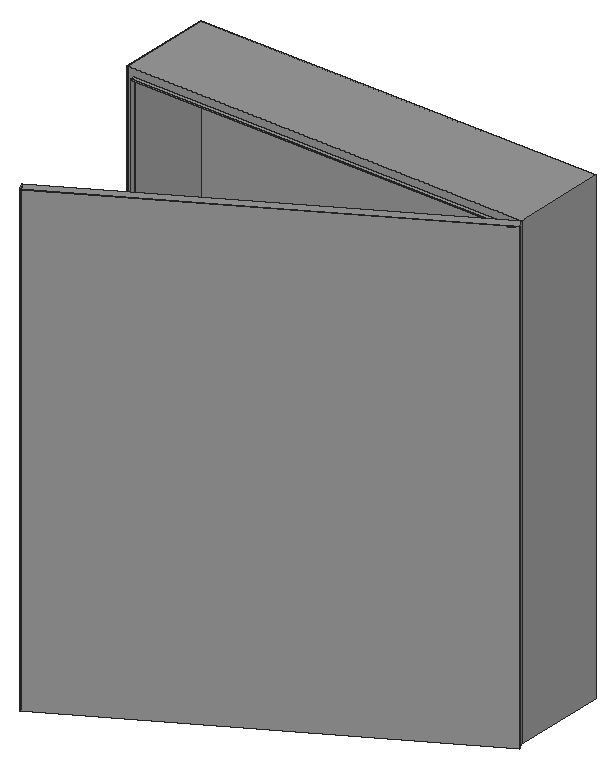
Revit family "Hager-Univers-IP54-D205-H950-Cl.II-Encl-NoHosted-CH-fr", category Electrical Equipment, Revit 2020
Family settings
  Panel Configuration = Two Columns, Circuits Across
  Round Connector Dimension = Use Diameter
  Part Type = Panelboard
  Work Plane-Based = Yes
  Always vertical = Yes
  Cut with Voids When Loaded = No
  Shared = No
  Room Calculation Point = No
Parameters (values of type "saillie IP54 L800 H950 P205  - FP63QSW")
  Width Control [instance] = if([EF000008 - largeur] > Min Width, [EF000008 - largeur], Min Width)  # 800 mm
  Type Comments = [HG000003 - Gamme]  # "Univers"
  Thickness Door [instance] = if([EF009171 - épaisseur de matériau de la porte/du couvercle] > 3 mm, 3 mm, [EF009171 - épaisseur de matériau de la porte/du couvercle])  # 1 mm
  Seal Frame Offset [instance] = 17 mm  # constant formula
  Plinth Visibility [instance] = [HG000027 - Hauteur du socle] > 0 mm  # no
  Min Width [instance] = 100 mm  # constant formula
  Min Depth [instance] = (2 * [EF009170 - épaisseur de matériau du boîtier]) + 1 mm  # 3 mm
  Min Height [instance] = 100 mm  # constant formula
  Internal Frame Depth [instance] = (Door System Depth * 0.5)  # 9 mm
  Panel Name [instance] = ""  # (empty or 0)
  Model = ""
  HG000027 - Hauteur du socle = 0 mm
  HG000026 - Installation au sol = no
  HG000024 - Hauteur de la section basse = 600 mm
  HG000023 - Armoire double section = no
  HG000016 - Visibilité de la porte 3D [instance] = yes
  HG000015 - Visibilité de l'emprise de la porte [instance] = no
  HG000014 - Porte à droite [instance] = yes
  HG000013 - Porte à gauche [instance] = not([HG000014 - Porte à droite])  # no
  HG000012 - Angle de pivotement de la porte [instance] = 30.00°
  HG000010 - Portes asymétriques = no
  HG000009 - Porte à double battant = no
  HG000006 - Encastré = no
  HG000004 - Référence fabricant = "FP63QSW"
  HG000003 - Gamme = "Univers"
  HG000002 - avec porte = yes
  Frame Offset Bottom [instance] = 10 mm  # constant formula
  Frame Offset [instance] = 15 mm  # constant formula
  EF015940 - couvercle avec décharge de pression = no
  EF011959 - degré de protection (NEMA) = ""
  EF009554 - nombre d'ouvertures pour plaques à bride = 6
  EF009212 - finition du couvercle = "EV000116 - fermé"
  EF009171 - épaisseur de matériau de la porte/du couvercle = 1 mm
  EF009170 - épaisseur de matériau du boîtier = 1 mm
  EF008873 - courant nominal (In) = 250 A
  EF007800 - adapté à un parafoudre = no
  EF006306 - avec serrure = no
  EF006244 - couvercle/porte transparent(e) = no
  EF005474 - indice de protection (IP) = "EV006419 - IP54"
  EF004464 - type de porte = "EV002646 - unique"
  EF004427 - nombre de modules = 216
  EF004293 - indice de protection contre les chocs (IK) = "EV006815 - IK09"
  EF003532 - convient pour utilisation à l’extérieur = no
  EF002950 - largeur en nombre de modules = 36
  EF001613 - maintien de fonction = "EV000494 - sans"
  EF001596 - matériau du boîtier/corps = "EV000179 - acier"
  EF001131 - profondeur intérieure = 143 mm
  EF001088 - possibilité de montage en saillie = yes
  EF000437 - nombre d'entrées de conduit = 6
  EF000339 - type de capot = "EV001012 - couvercle"
  EF000266 - nombre de rangées = 6
  EF000218 - profondeur d'encastrement = 0 mm
  EF000118 - avec cadre/support de montage = no
  EF000116 - numéro RAL = "9010"
  EF000049 - profondeur = 205 mm
  EF000040 - hauteur = 950 mm
  EF000008 - largeur = 800 mm
  EF000007 - couleur = "EV000202 - blanc"
  EF000003 - mode de pose = "EV000384 - saillie"
  Door System Leaf Tolerance [instance] = 1.5 mm  # constant formula
  Door System Depth [instance] = 18 mm  # constant formula
  Door Height [instance] = Height Control - [HG000027 - Hauteur du socle]  # 950 mm
  Description = ""
  Default Elevation = 1219.2 mm
  Connector Offset [instance] = Height Control / 2  # 475 mm
  Manufacturer = "Hager"  # constant formula
  Height Control [instance] = if([EF000040 - hauteur] > Min Height, [EF000040 - hauteur], Min Height)  # 950 mm
  Depth Control [instance] = if([EF000049 - profondeur] > Min Depth, [EF000049 - profondeur], Min Depth)  # 205 mm
  Bottom Top Plate Trim [instance] = 1.5 mm  # constant formula
  Plinth height Ctrl [instance] = if([HG000027 - Hauteur du socle] > 0 mm, [HG000027 - Hauteur du socle], 12 mm)  # 12 mm
Types (5, lengths in mm): name | Width Control | HG000010 - Portes asymétriques | HG000009 - Porte à double battant | HG000004 - Référence fabricant | EF009554 - nombre d'ouvertures pour plaques à bride | EF004464 - type de porte | EF004427 - nombre de modules | EF002950 - largeur en nombre de modules | EF001131 - profondeur intérieure | EF000437 - nombre d'entrées de conduit | EF000339 - type de capot | EF000008 - largeur
  saillie IP54 L1050 H950 P205  - FP64QSW | 1050 | no | no | "FP64QSW" | 8 | "EV003602 - double" | 288 | 48 | 143 | 8 | "EV001012 - couvercle" | 1050
  saillie IP54 L1300 H950 P205  - FP65QSW | 1300 | yes | yes | "FP65QSW" | 10 | "EV003602 - double" | 360 | 60 | 130 | 10 | "EV004216 - porte" | 1300
  saillie IP54 L300 H950 P205  - FP61QSW | 300 | no | no | "FP61QSW" | 2 | "EV002646 - unique" | 72 | 12 | 130 | 2 | "EV004216 - porte" | 300
  saillie IP54 L550 H950 P205  - FP62QSW | 550 | no | no | "FP62QSW" | 4 | "EV002646 - unique" | 144 | 24 | 130 | 4 | "EV001012 - couvercle" | 550
  saillie IP54 L800 H950 P205  - FP63QSW | 800 | no | no | "FP63QSW" | 6 | "EV002646 - unique" | 216 | 36 | 143 | 6 | "EV001012 - couvercle" | 800
Reference planes
  plane 1 "Center (Front/Back)": y = 0
  plane 2: z = 0
  plane 3 "Center (Left/Right)": x = 0
  plane 4: y = 0
  plane 5: y = 0
  plane 6: z = 0
  plane 7: x = -400
  plane 8: x = 400
  plane 9: x = 399
  plane 10: x = -399
  plane 11: z = 0
  plane 12: z = 1
  plane 13: y = -205
  plane 14: y = -1
  plane 15: x = 0
  plane 16: y = -187
  plane 17: y = -204
  plane 18: y = -186
  plane 19: x = -384
  plane 20: x = 384
  plane 21: z = 11
  plane 22: x = -383
  plane 23: x = 383
  plane 24: z = 0
  plane 25: z = 950
  plane 26: z = 950
  plane 27: z = 934
  plane 28: z = 949
Forms (mm)
  Extrusion 1, solid, material "Hager_Steel_RAL7035_Light_Grey", detail levels medium+fine
    sketch origin (-208.679, -4572, 0) x (-1, 0, 0) y (0, -1, 0)
      loop
        line (191.321, -4385) -> (-608.679, -4385) -> (-608.679, -4572) -> (191.321, -4572) -> (191.321, -4385)
    from 0 to 950
  Extrusion 2, void
    sketch origin (-350.771, -205, 1219.2) x (1, 0, 0) y (0, 0, 1)
      loop
        line (-48.229, -270.2) -> (-48.229, -1218.2) -> (749.771, -1218.2) -> (749.771, -270.2) -> (-48.229, -270.2)
    from -19 to -204
  Extrusion 3, void
    sketch origin (-290.084, -187, 1219.2) x (1, 0, 0) y (0, 0, 1)
      loop
        line (-93.916, -1208.2) -> (674.084, -1208.2) -> (674.084, -285.2) -> (-93.916, -285.2) -> (-93.916, -1208.2)
    from 0 to -1
  Extrusion 4, solid, material "Hager_Steel_RAL7035_Light_Grey", visible <- "Plinth Visibility", detail levels medium+fine
    sketch origin (0, 0, 0) x (1, 0, 0) y (0, 1, 0)
      loop
        line (-400, 0) -> (-400, -187) -> (400, -187) -> (400, 0) -> (-400, 0)
    from 0 to 12 <- "Plinth height Ctrl"
  Extrusion 5, solid, material "Hager_Steel_RAL7035_Light_Grey", detail levels coarse
    sketch origin (0, 0, 0) x (1, 0, 0) y (0, 1, 0)
      loop
        line (-400, 0) -> (-400, -205) -> (400, -205) -> (400, 0) -> (-400, 0)
    from 0 to 950 <- "Height Control"
  Sweep 6, void
    path in 3D
      loop
        line (-400, -187, 12) -> (400, -187, 12) -> (400, 0, 12) -> (-400, 0, 12) -> (-400, -187, 12)
    profile origin (-400, -93.5, 12) x (1, 0, 0) y (0, 0, 1)
      loop
        line (0, 0) -> (0, -1.5) -> (1.5, -1.5)
        arc (1.5, -1.5) -> (1.061, -0.439) -> (0, 0) r 1.5
  Extrusion 7, solid, material "Hager_Steel_RAL7035_Light_Grey", detail levels fine
    sketch origin (-400, -187, 0) x (1, 0, 0) y (0, 0, 1)
      loop
        line (16, 11) -> (784, 11) -> (784, 934) -> (16, 934) -> (16, 11)
      loop
        line (15, 10) -> (785, 10) -> (785, 935) -> (15, 935) -> (15, 10)
    from 0 to 9 <- "Internal Frame Depth"
Cuts and joins
  Extrusion 2, Extrusion 3 cuts Extrusion 1
  Sweep 6 cuts Extrusion 4
Lines and regions (mm)
  Masking region 1
    outline origin (0, 0, 0) x (1, 0, 0) y (0, 1, 0)
      loop
        line (-400, 0) -> (-400, -205) -> (400, -205) -> (400, 0) -> (-400, 0)
  Masking region 2, detail levels coarse
    outline origin (-290.084, -187, 1219.2) x (-1, 0, 0) y (0, 0, 1)
      loop
        line (-690.084, -1219.2) -> (109.916, -1219.2) -> (109.916, -269.2) -> (-690.084, -269.2) -> (-690.084, -1219.2)
  Masking region 3, detail levels coarse
    outline origin (0, 0, 0) x (0, 1, 0) y (0, 0, 1)
      loop
        line (0, 0) -> (0, 950) -> (-205, 950) -> (-205, 0) -> (0, 0)
  Masking region 4, visible <- "Plinth Visibility", detail levels medium+fine
    outline origin (0, 0, 0) x (0, 1, 0) y (0, 0, 1)
      loop
        line (-1.5, 12) -> (-185.5, 12)
        arc (-185.5, 12) -> (-185.939, 10.939) -> (-187, 10.5) r 1.5
        line (-187, 10.5) -> (-187, 0) -> (0, 0) -> (0, 10.5)
        arc (0, 10.5) -> (-1.061, 10.939) -> (-1.5, 12) r 1.5
  Masking region 5, detail levels medium+fine
    outline origin (0, 0, 594.038) x (0, 1, 0) y (0, 0, 1)
      loop
        line (0, -594.038) -> (0, 355.962) -> (-187, 355.962) -> (-187, -594.038) -> (0, -594.038)
  Masking region 6, detail levels medium+fine
    outline origin (-359.7, -187, 1211.883) x (-1, 0, 0) y (0, 0, 1)
      loop
        line (-759.7, -1211.883) -> (40.3, -1211.883) -> (40.3, -261.883) -> (-759.7, -261.883) -> (-759.7, -1211.883)
  Masking region 7, visible <- "Plinth Visibility", detail levels medium+fine
    outline origin (-320.334, -187, 1041.368) x (-1, 0, 0) y (0, 0, 1)
      loop
        line (-720.334, -1041.368) -> (79.666, -1041.368) -> (79.666, -1030.868)
        arc (79.666, -1030.868) -> (78.606, -1030.429) -> (78.166, -1029.368) r 1.5
        line (78.166, -1029.368) -> (-718.834, -1029.368)
        arc (-718.834, -1029.368) -> (-719.273, -1030.429) -> (-720.334, -1030.868) r 1.5
        line (-720.334, -1030.868) -> (-720.334, -1041.368)
  sketch lines
    curve 1: line (-400, 0, 12) -> (-400, -187, 12)
    curve 2: line (-400, -187, 12) -> (400, -187, 12)
    curve 3: line (400, 0, 12) -> (-400, 0, 12)
    curve 4: line (400, -187, 12) -> (400, 0, 12)
Dimensions and locks
  locked: plane 1 "Center (Front/Back)" to plane 5
  "EF009170 - épaisseur de matériau du boîtier": plane 7 to plane 10
  "EF009170 - épaisseur de matériau du boîtier": plane 8 to plane 9
  equal spacing: plane 7, plane 3 "Center (Left/Right)", plane 8
  "Width Control": plane 7 to plane 8
  "Depth Control": plane 4 to plane 13
  "EF009170 - épaisseur de matériau du boîtier": plane 4 to plane 14
  "Height Control": plane 25 to level
  "HG000027 - Hauteur du socle": plane 11 to level
  "EF009170 - épaisseur de matériau du boîtier": plane 12 to plane 11
  "EF009170 - épaisseur de matériau du boîtier": plane 17 to plane 13
  "EF009170 - épaisseur de matériau du boîtier": plane 18 to plane 16
  "Frame Offset Bottom": plane 21 to plane 12
  "Frame Offset": plane 10 to plane 19
  "Frame Offset": plane 9 to plane 20
  "Door System Depth": plane 16 to plane 13
  "Seal Frame Offset": plane 7 to plane 22
  "Seal Frame Offset": plane 8 to plane 23
  "EF009170 - épaisseur de matériau du boîtier": plane 26 to plane 28
  "Frame Offset": plane 28 to plane 27
  "Connector Offset": plane 2 to connector elem
  "Bottom Top Plate Trim": profile plane to Sweep 6 sketch curve
  "Bottom Top Plate Trim": Sweep 6 sketch curve to Sweep 6 sketch curve
  "Plinth height Ctrl": Masking region 4 sketch curve to level
  "Plinth height Ctrl": Masking region 7 sketch curve to level
  "Thickness Door": Extrusion 7 sketch curve to Extrusion 7 sketch curve  (x4)
  "Bottom Top Plate Trim": radius of Sweep 6 sketch curve
  "Bottom Top Plate Trim": radius of Masking region 4 sketch curve  (x2)
  "Bottom Top Plate Trim": radius of Masking region 7 sketch curve  (x2)
  aligned and locked: Extrusion 2 sketch curve to plane 12
  aligned and locked: Extrusion 2 sketch curve to plane 9
  aligned and locked: Extrusion 2 sketch curve to plane 10
  aligned and locked: Extrusion 2 to plane 14
  aligned and locked: Extrusion 1 sketch curve to plane 4
  aligned and locked: plane 8 to Extrusion 1 sketch curve
  aligned and locked: plane 7 to Extrusion 1 sketch curve
  aligned and locked: Extrusion 2 to plane 18
  aligned and locked: Extrusion 3 sketch curve to plane 19
  aligned and locked: plane 20 to Extrusion 3 sketch curve
  aligned and locked: Extrusion 3 to Extrusion 2
  aligned and locked: Extrusion 3 sketch curve to plane 21
  aligned and locked: plane 3 "Center (Left/Right)" to nested 1
  aligned and locked: Extrusion 1 sketch curve to plane 16
  aligned and locked: Extrusion 4 sketch curve to cut or joined group of Extrusion 1, Extrusion 2, Extrusion 3
  aligned and locked: Masking region 1 sketch curve to plane 7
  aligned and locked: Masking region 1 sketch curve to plane 5
  aligned and locked: Masking region 1 sketch curve to plane 8
  aligned and locked: Masking region 2 sketch curve to level
  aligned and locked: level to Masking region 3 sketch curve
  aligned and locked: plane 1 "Center (Front/Back)" to Masking region 3 sketch curve
  aligned and locked: plane 13 to Masking region 3 sketch curve
  aligned and locked: plane 5 to Masking region 4 sketch curve
  aligned and locked: Masking region 2 sketch curve to plane 8
  aligned and locked: Masking region 2 sketch curve to plane 7
  aligned and locked: plane 7 to nested 2
  aligned and locked: nested 2 to plane 5
  aligned and locked: plane 5 to Masking region 5 sketch curve
  aligned and locked: plane 26 to Masking region 5 sketch curve
  aligned and locked: Extrusion 5 sketch curve to plane 8
  aligned and locked: Extrusion 5 sketch curve to plane 7
  aligned and locked: Extrusion 5 sketch curve to plane 5
  aligned and locked: Extrusion 3 sketch curve to plane 27
  aligned and locked: Extrusion 2 sketch curve to plane 28
  aligned and locked: Masking region 2 to plane 25
  aligned and locked: Extrusion 4 to plane 16
  aligned and locked: profile plane to Sweep 6 sketch curve
  aligned and locked: Masking region 5 sketch curve to plane 24
  aligned and locked: level to Masking region 4 sketch curve
  aligned and locked: Masking region 1 to plane 13
  aligned and locked: nested 1 to plane 16
  aligned and locked: Masking region 3 to plane 25
  aligned and locked: plane 16 to Masking region 4 sketch curve
  aligned and locked: Masking region 5 sketch curve to plane 16
  aligned and locked: plane 24 to plane 11
  aligned and locked: plane 26 to plane 25
  aligned and locked: plane 26 to cut or joined group of Extrusion 1, Extrusion 2, Extrusion 3
  aligned and locked: nested 1 to plane 24
  aligned and locked: Extrusion 1 to Extrusion 3
  aligned and locked: Masking region 6 sketch curve to plane 8
  aligned and locked: Masking region 6 sketch curve to plane 24
  aligned and locked: Masking region 6 sketch curve to plane 7
  aligned and locked: Masking region 6 sketch curve to plane 26
  aligned and locked: Masking region 7 sketch curve to plane 7
  aligned and locked: level to Masking region 7 sketch curve
  aligned and locked: Masking region 7 sketch curve to plane 8
  aligned and locked: Extrusion 7 sketch curve to cut or joined group of Extrusion 1, Extrusion 2, Extrusion 3  (x4)
Automatic sketch dimensions
  plane 19 to Extrusion 3 sketch curve = 0 mm
  Extrusion 3 sketch curve to plane 20 = 0 mm
  Extrusion 3 sketch curve to plane 21 = 0 mm
  Extrusion 4 sketch curve to plane 7 = 0 mm
  Extrusion 4 sketch curve to plane 8 = 0 mm
  Extrusion 4 sketch curve to plane 16 = 0 mm
  Masking region 1 sketch curve to plane 13 = 0 mm
  Masking region 2 sketch curve to plane 25 = 0 mm
  Masking region 3 sketch curve to plane 25 = 0 mm
  Extrusion 5 sketch curve to plane 13 = 0 mm
  profile plane to Sweep 6 sketch curve = 0 mm
Nested families
  nested 1: "EC000058_Univers_Door" at (0, -187, 0), Double <- "HG000009 - Porte à double battant", Transparent <- "EF006244 - couvercle/porte transparent(e)", Angle <- "HG000012 - Angle de pivotement de la porte", Door_Right <- "HG000014 - Porte à droite", Assymetrical <- "HG000010 - Portes asymétriques", Door <- "HG000002 - avec porte", Width_Ctrl <- "Width Control", 3d_Door <- "HG000016 - Visibilité de la porte 3D", Clearance <- "HG000015 - Visibilité de l'emprise de la porte", Door_Left <- "HG000013 - Porte à gauche", Width <- "Width Control", Door_Depth <- "Door System Depth", Leaf_Tolerance <- "Door System Leaf Tolerance", Height <- "Door Height", Lock_Visibility <- "EF006306 - avec serrure", Thickness <- "Thickness Door", type "EC000058_Univers_Door", detail levels medium+fine
    with min_wh 3 mm, Width_Ctrl 800 mm, Width 800 mm, Transparent no, Thickness 1 mm, Seal_Material Hager_Rubber, Lock_Visibility no, Lock_Material Hager_Plastic_RAL9005_Jet_Black, Leaf_Width 800 mm, Leaf_Tolerance_External_Sides 0 mm, Leaf_Tolerance 1.5 mm, Leaf_Offset 0 mm, Leaf_Height 947 mm, Leaf_2_Width 800 mm, Leaf_2_Offset 400 mm, Leaf_1_Width 800 mm, Leaf_1_Offset 400 mm, Height_Ctrl 950 mm, Height 950 mm, Glass_Material Hager_Glass, Double_Clearance_Ctrl no, Double no, Door_Right_Ctrl yes, Door_Right yes, Door_Material Hager_Steel_RAL7035_Light_Grey, Door_Left_Ctrl no, Door_Left no, Door_Depth 18 mm, Door yes, Clearance_Material Hager_Clearance, Clearance_Depth 800 mm, Clearance_Ctrl no, Clearance no, Assymetrical no, Angle 30.00°, 3d_Door yes
  nested 2: "Hager_Enclosure_Symbol" at (-400, 0, 0), Height <- "Depth Control", Width <- "Width Control", type "Hager_Enclosure_Symbol"
    with Width_Ctrl 800 mm, Width 800 mm, Height_Ctrl 205 mm, Height 205 mm, A_Width_Int 13.453 mm, A_Width 161.438 mm, A_Height_Ctrl 179.375 mm, A_Height 179.375 mm
Connectors
  electrical at (0, 0, 475)
    settings: on plane 1 "Center (Front/Back)", index 1, voltage 0 V, apparent load 0 VA, apparent load phase1 0 VA, apparent load phase2 0 VA, apparent load phase3 0 VA, power factor 1, load classification "Other", number of poles 1, system type 30, power factor state 1, is connector primary yes, connector utility no, sub classification motor no, connector description ""
Definition of nested family "EC000058_Univers_Door"
  Parameters (values of type "EC000058_Univers_Door")
    min_wh [instance] = (2 * Thickness) + 1 mm  # 11 mm
    Width_Ctrl [instance] = 400 mm
    Width [instance] = 500 mm
    Transparent [instance] = yes
    Thickness [instance] = 5 mm
    Seal_Material [instance] = none
    Lock_Visibility [instance] = yes
    Lock_Material [instance] = none
    Leaf_Width [instance] = if((Width_Ctrl - 2 * Leaf_Tolerance_External_Sides) > 0 mm, (Width_Ctrl - 2 * Leaf_Tolerance_External_Sides), min_wh)  # 400 mm
    Leaf_Tolerance_External_Sides [instance] = 0 mm  # constant formula
    Leaf_Tolerance [instance] = 1.5 mm
    Leaf_Offset [instance] = 0 mm  # constant formula
    Leaf_Height [instance] = if((Height_Ctrl - 2 * Leaf_Tolerance) > 0 mm, (Height_Ctrl - 2 * Leaf_Tolerance), min_wh)  # 497 mm
    Leaf_2_Width [instance] = if(and(and(Double, Assymetrical), Door_Left), (Leaf_Width / 3) - (Leaf_Tolerance / 2), if(and(and(Double, Assymetrical), Door_Right), (Leaf_Width / 3) * 2 - (Leaf_Tolerance / 2), if(and(Double, not(Assymetrical)), (Leaf_Width / 2) - Leaf_Tolerance, Leaf_Width)))  # 400 mm
    Leaf_2_Offset [instance] = if(and(Double, Assymetrical), Leaf_2_Width / 2, if(and(Double, not(Assymetrical)), Leaf_Width / 4, Leaf_Width / 2))  # 200 mm
    Leaf_1_Width [instance] = if(and(and(Double, Assymetrical), Door_Right), (Leaf_Width / 3) - (Leaf_Tolerance / 2), if(and(and(Double, Assymetrical), Door_Left), (Width / 3) * 2 - (Leaf_Tolerance / 2), if(and(Double, not(Assymetrical)), (Leaf_Width / 2) - Leaf_Tolerance, Leaf_Width)))  # 400 mm
    Leaf_1_Offset [instance] = if(and(Double, Assymetrical), Leaf_1_Width / 2, if(and(Double, not(Assymetrical)), Leaf_Width / 4, Leaf_Width / 2))  # 200 mm
    Height_Ctrl [instance] = if(Height > min_wh, Height, min_wh)  # 500 mm
    Height [instance] = 500 mm
    Glass_Material [instance] = none
    Double_Clearance_Ctrl [instance] = and(Double, Clearance)  # no
    Double [instance] = no
    Door_Right_Ctrl [instance] = and(or(Door_Right, Double), Door)  # yes
    Door_Right [instance] = yes
    Door_Material [instance] = none
    Door_Left_Ctrl [instance] = and(or(Door_Left, Double), Door)  # no
    Door_Left [instance] = no
    Door_Depth [instance] = 30 mm
    Door [instance] = yes
    Default Elevation = 1219.2 mm
    Clearance_Material [instance] = none
    Clearance_Depth [instance] = if(Leaf_1_Width > Leaf_2_Width, Leaf_1_Width, Leaf_2_Width)  # 400 mm
    Clearance_Ctrl [instance] = and(not(Double), Clearance)  # yes
    Clearance [instance] = yes
    Assymetrical [instance] = yes
    Angle [instance] = 30.00°
    3d_Door [instance] = yes
  Reference planes
    plane 1 "Center (Front/Back)": y = 0
    plane 2 "Bottom": z = 0
    plane 3 "Center (Left/Right)": x = 0
    plane 4: z = 500
    plane 5: x = -200
    plane 6: x = 200
    plane 7: z = 500
    plane 8: x = -200
    plane 9: z = 0
    plane 10: x = 200
    plane 11: y = 0
    plane 12: z = 1.5
    plane 13: x = -600
    plane 14: y = -400
    plane 15: x = 600
    plane 16: x = 0
    plane 17: x = 0
    plane 18: x = -200
    plane 19: x = 200
    plane 20: z = 498.5
  Forms (mm)
    Extrusion 1, solid, material <- "Clearance_Material", visible <- "Double_Clearance_Ctrl"
      sketch origin (1200, 0, 0) x (1, 0, 0) y (0, 0, -1)
        loop
          line (-1800, -498.5) -> (-600, -498.5) -> (-600, 0) -> (-1800, 0) -> (-1800, -498.5)
      from 0 to -400
  Dimensions and locks
    equal spacing: plane 5, plane 3 "Center (Left/Right)", plane 6
    "Width_Ctrl": plane 5 to plane 6
    "Leaf_Offset": plane 5 to plane 8
    "Leaf_Offset": plane 6 to plane 10
    "Leaf_Offset": plane 9 to level
    "Leaf_Offset": plane 4 to plane 7
    "Height_Ctrl": plane 4 to level
    "Leaf_Tolerance": plane 12 to plane 9
    locked: plane 11 to plane 1 "Center (Front/Back)"
    "Leaf_1_Offset": plane 18 to plane 16
    "Leaf_2_Offset": plane 17 to plane 19
    "Leaf_1_Width": plane 13 to plane 8
    "Leaf_2_Width": plane 10 to plane 15
    "Clearance_Depth": plane 14 to plane 1 "Center (Front/Back)"
    "Leaf_Tolerance_External_Sides": plane 8 to plane 18
    "Leaf_Tolerance_External_Sides": plane 19 to plane 10
    "Leaf_Tolerance": plane 7 to plane 20
    aligned and locked: level to plane 2 "Bottom"
    aligned and locked: nested 1 to plane 16
    aligned and locked: nested 2 to plane 17
    aligned and locked: Extrusion 1 to plane 13
    aligned and locked: plane 15 to Extrusion 1
    aligned and locked: Extrusion 1 to plane 14
    aligned and locked: plane 12 to nested 1
    aligned and locked: nested 2 to plane 12
    aligned and locked: Extrusion 1 to plane 11
    aligned and locked: plane 20 to Extrusion 1
    aligned and locked: nested 2 to plane 11
    aligned and locked: nested 1 to plane 11
  Automatic sketch dimensions
    Extrusion 1 sketch curve to level = 0 mm
    plane 5 to Extrusion 1 sketch curve = 400 mm
    plane 6 to Extrusion 1 sketch curve = 400 mm
    Extrusion 1 sketch curve to plane 4 = 1.5 mm
  Nested families
    nested 1: "EC000058_Univers_Door_Leaf" at (0, 0, 1.5), Width <- "Leaf_1_Width", visible <- "Door_Left_Ctrl", Leaf_Height <- "Leaf_Height", Angle <- "Angle", 3d_Door <- "3d_Door", Transparent <- "Transparent", Clearance Material <- "Clearance_Material", Clearance <- "Clearance_Ctrl", Door_Material <- "Door_Material", Glass_Material <- "Glass_Material", Door_Depth <- "Door_Depth", Lock_Material <- "Lock_Material", Seal_Material <- "Seal_Material", Lock_Visibility <- "Lock_Visibility", Thickness <- "Thickness", type "EC000058_Univers_Door_Leaf"
      with Width 400 mm, Transparent_Glass_Offset 30 mm, Transparent_Ctrl yes, Transparent yes, Thickness 5 mm, Standard no, Seal_Material none, Seal_D2 8 mm, Seal_D1 1 mm, Offset_Internal_Frame 10 mm, Lock_Width 20 mm, Lock_Visibility_3d yes, Lock_Visibility yes, Lock_Thickness_3 3 mm, Lock_Thickness_2 1 mm, Lock_Thickness_1 3 mm, Lock_Radius_Offset_2 16 mm, Lock_Radius_Offset_1 15 mm, Lock_Radius_2 5 mm, Lock_Radius 6 mm, Lock_Offset 5 mm, Lock_Material none, Lock_Height 80 mm, Lock_Cover_Top_Offset_2d 17 mm, Lock_Cover_Height -65 mm, Leaf_Height 497 mm, Internal_Seal_Thickness 8 mm, Internal_Seal_Depth_2 4.5 mm, Internal_Frame_Depth 25 mm, Glass_Thickness -1 mm, Glass_Offset -2 mm, Glass_Material none, Door_Material none, Door_Depth 30 mm, Clearance Material none, Clearance yes, Angle_Ctrl 30.00°, Angle 30.00°, 3d_Door yes
    nested 2: "EC000058_Univers_Door_Leaf" at (0, 0, 1.5) x (-1, 0, 0) z (0, 0, 1), Width <- "Leaf_2_Width", visible <- "Door_Right_Ctrl", Leaf_Height <- "Leaf_Height", Angle <- "Angle", 3d_Door <- "3d_Door", Transparent <- "Transparent", Clearance Material <- "Clearance_Material", Clearance <- "Clearance_Ctrl", Door_Material <- "Door_Material", Glass_Material <- "Glass_Material", Door_Depth <- "Door_Depth", Lock_Material <- "Lock_Material", Seal_Material <- "Seal_Material", Lock_Visibility <- "Lock_Visibility", Thickness <- "Thickness", type "EC000058_Univers_Door_Leaf"
      with Width 400 mm, Transparent_Glass_Offset 30 mm, Transparent_Ctrl yes, Transparent yes, Thickness 5 mm, Standard no, Seal_Material none, Seal_D2 8 mm, Seal_D1 1 mm, Offset_Internal_Frame 10 mm, Lock_Width 20 mm, Lock_Visibility_3d yes, Lock_Visibility yes, Lock_Thickness_3 3 mm, Lock_Thickness_2 1 mm, Lock_Thickness_1 3 mm, Lock_Radius_Offset_2 16 mm, Lock_Radius_Offset_1 15 mm, Lock_Radius_2 5 mm, Lock_Radius 6 mm, Lock_Offset 5 mm, Lock_Material none, Lock_Height 80 mm, Lock_Cover_Top_Offset_2d 17 mm, Lock_Cover_Height -65 mm, Leaf_Height 497 mm, Internal_Seal_Thickness 8 mm, Internal_Seal_Depth_2 4.5 mm, Internal_Frame_Depth 25 mm, Glass_Thickness -1 mm, Glass_Offset -2 mm, Glass_Material none, Door_Material none, Door_Depth 30 mm, Clearance Material none, Clearance yes, Angle_Ctrl 30.00°, Angle 30.00°, 3d_Door yes
  Definition of nested family "EC000058_Univers_Door_Leaf"
    Parameters (values of type "EC000058_Univers_Door_Leaf")
      Width [instance] = 2000 mm
      Transparent_Glass_Offset [instance] = 30 mm
      Transparent_Ctrl [instance] = and(Transparent, [3d_Door])  # yes
      Transparent [instance] = yes
      Thickness [instance] = 5 mm
      Standard [instance] = and(not(Transparent), [3d_Door])  # no
      Seal_Material [instance] = none
      Seal_D2 [instance] = 8 mm  # constant formula
      Seal_D1 [instance] = 1 mm  # constant formula
      Offset_Internal_Frame [instance] = 10 mm  # constant formula
      Lock_Width [instance] = 20 mm  # constant formula
      Lock_Visibility_3d [instance] = and(Lock_Visibility, [3d_Door])  # yes
      Lock_Visibility [instance] = yes
      Lock_Thickness_3 [instance] = 3 mm  # constant formula
      Lock_Thickness_2 [instance] = 1 mm  # constant formula
      Lock_Thickness_1 [instance] = 3 mm  # constant formula
      Lock_Radius_Offset_2 [instance] = Lock_Radius_Offset_1 + 1 mm  # 16 mm
      Lock_Radius_Offset_1 [instance] = 15 mm  # constant formula
      Lock_Radius_2 [instance] = Lock_Radius - 1 mm  # 5 mm
      Lock_Radius [instance] = 6 mm  # constant formula
      Lock_Offset [instance] = 5 mm  # constant formula
      Lock_Material [instance] = none
      Lock_Height [instance] = 80 mm  # constant formula
      Lock_Cover_Top_Offset_2d [instance] = Lock_Radius_Offset_2 + 1 mm  # 17 mm
      Lock_Cover_Height [instance] = -(Lock_Height - Lock_Radius_Offset_1)  # -65 mm
      Leaf_Height [instance] = 2720.336 mm
      Internal_Seal_Thickness [instance] = 8 mm  # constant formula
      Internal_Seal_Depth_2 [instance] = 4.5 mm  # constant formula
      Internal_Frame_Depth [instance] = if(Door_Depth - Thickness > 5 mm, Door_Depth - Thickness, 5 mm)  # 25 mm
      Glass_Thickness [instance] = if(Thickness > 15 mm, Glass_Offset + 10 mm, -1 mm)  # -1 mm
      Glass_Offset [instance] = if(Thickness > 15 mm, -(Thickness + 10 mm) / 2, -2 mm)  # -2 mm
      Glass_Material [instance] = none
      Door_Material [instance] = none
      Door_Depth [instance] = 30 mm
      Default Elevation = 0 mm
      Clearance Material [instance] = none
      Clearance [instance] = yes
      Angle_Ctrl [instance] = if(Angle > 180.00°, 180.00°, Angle)  # 90.00°
      Angle [instance] = 90.00°
      3d_Door [instance] = yes
    Reference planes
      plane 1 "Center (Front/Back)": y = 0
      plane 2: z = 0
      plane 3 "Center (Left/Right)": x = 0
      plane 4: y = 2000
      plane 5: x = -1000
      plane 6: x = 1000
      plane 7: x = -3000
      plane 8: z = 2720.336
      plane 9: z = 30
      plane 10: z = 2690.336
      plane 11: x = 970
      plane 12: x = -970
      plane 13: y = -3
      plane 14: z = 107.833
      plane 15: y = -5
      plane 16: y = -223.314
      plane 17: x = -1000
      plane 18: z = 1360.168
      plane 19: y = 30
    Forms (mm)
      Extrusion 1, solid, material <- "Clearance Material", visible <- "Clearance"
        sketch origin (0, 0, 0) x (1, 0, 0) y (0, 0, 1)
          loop
            line (-3000, 2720.336) -> (-3000, 0) -> (1000, 0) -> (1000, 2720.336) -> (-3000, 2720.336)
        from 0 to -2000
      Extrusion 2, solid, material <- "Door_Material", visible <- "Standard", detail levels medium+fine
        sketch origin (-1000, 0, 0) x (0, 1, 0) y (-1, 0, 0)
          loop
            line (0, 30) -> (0, 25) -> (2000, 25) -> (2000, 30) -> (0, 30)
        from 0 to 2720.336 <- "Leaf_Height"
      Extrusion 3, solid, material <- "Door_Material", visible <- "Transparent_Ctrl", detail levels medium+fine
        sketch origin (-1000, 0, 0) x (0, 1, 0) y (-1, 0, 0)
          loop
            line (0, 25) -> (2000, 25) -> (2000, 30) -> (0, 30) -> (0, 25)
        from 0 to 2720.336 <- "Leaf_Height"
      Extrusion 4, void
        sketch origin (-1025, 2000, 0) x (0, 1, 0) y (0, 0, -1)
          loop
            line (-30, -2690.336) -> (-30, -30) -> (-1970, -30) -> (-1970, -2690.336) -> (-30, -2690.336)
        from 0 to 5 <- "Thickness"
      Sweep 5, solid, material <- "Seal_Material", visible <- "Transparent_Ctrl", detail levels fine
        path in 3D
          loop
            line (-1025, 30, 30) -> (-1025, 30, 2690.336) -> (-1025, 1970, 2690.336) -> (-1025, 1970, 30) -> (-1025, 30, 30)
        profile origin (-1025, 1000, 30) x (1, 0, 0) y (0, 0, 1)
          loop
            line (0, 0) -> (0, -8) -> (1, -8) -> (1, 0) -> (0, 0)
      Extrusion 6, solid, material <- "Glass_Material", visible <- "Transparent_Ctrl", detail levels medium+fine
        sketch origin (-1030, 0, 0) x (0, 1, 0) y (0, 0, -1)
          loop
            line (1970, -2690.336) -> (1970, -30) -> (30, -30) -> (30, -2690.336) -> (1970, -2690.336)
        from -2 <- "Glass_Offset" to -1 <- "Glass_Thickness"
      Extrusion 7, solid, material <- "Door_Material", visible <- "3d_Door", detail levels medium+fine
        sketch origin (-1025, 2000, 0) x (0, -1, 0) y (0, 0, -1)
          loop
            line (0, -2720.336) -> (2000, -2720.336) -> (2000, 0) -> (0, 0) -> (0, -2720.336)
          loop
            line (1995, -5) -> (5, -5) -> (5, -2715.336) -> (1995, -2715.336) -> (1995, -5)
        from 0 to 25 <- "Internal_Frame_Depth"
      Sweep 8, solid, material <- "Seal_Material", visible <- "Transparent_Ctrl", detail levels fine
        path in 3D
          loop
            line (-1025, 0, 0) -> (-1025, 2000, 0) -> (-1025, 2000, 2720.336) -> (-1025, 0, 2720.336) -> (-1025, 0, 0)
        profile origin (-1025, 0, 1360.168) x (1, 0, 0) y (0, 1, 0)
          loop
            line (0, 10) -> (2.975, 10)
            arc (2.975, 10) -> (4.053, 10.447) -> (4.5, 11.525) r 1.525
            line (4.5, 11.525) -> (4.5, 16.527)
            arc (4.5, 16.527) -> (4.069, 17.569) -> (3.027, 18) r 1.473
            line (3.027, 18) -> (0, 18) -> (0, 10)
      Extrusion 9, solid, material <- "Lock_Material", visible <- "Lock_Visibility_3d", detail levels fine
        sketch origin (-1030, 0, 0) x (0, 1, 0) y (0, 0, -1)
          loop
            arc (1993.5, -1400.168) -> (1994.561, -1399.729) -> (1995, -1398.668) r 1.5
            line (1995, -1398.668) -> (1995, -1320.168) -> (1975, -1320.168) -> (1975, -1398.668)
            arc (1975, -1398.668) -> (1975.439, -1399.729) -> (1976.5, -1400.168) r 1.5
            line (1976.5, -1400.168) -> (1993.5, -1400.168)
        from 3 <- "Lock_Thickness_1" to 0
      Blend 10, solid, material <- "Lock_Material", visible <- "Lock_Visibility_3d", detail levels fine
        base sketch origin (-1033, 0, 0) x (0, 1, 0) y (0, 0, -1)
          loop
            line (1975, -1320.168) -> (1975, -1398.668)
            arc (1975, -1398.668) -> (1975.439, -1399.729) -> (1976.5, -1400.168) r 1.5
            line (1976.5, -1400.168) -> (1993.5, -1400.168)
            arc (1993.5, -1400.168) -> (1994.561, -1399.729) -> (1995, -1398.668) r 1.5
            line (1995, -1398.668) -> (1995, -1320.168) -> (1975, -1320.168)
        top sketch origin (-1033, 0, 0) x (0, 1, 0) y (0, 0, -1)
          loop
            line (1976, -1320.168) -> (1976, -1398.668)
            arc (1976, -1398.668) -> (1976.146, -1399.022) -> (1976.5, -1399.168) r 0.5
            line (1976.5, -1399.168) -> (1993.5, -1399.168)
            arc (1993.5, -1399.168) -> (1993.854, -1399.022) -> (1994, -1398.668) r 0.5
            line (1994, -1398.668) -> (1994, -1320.168) -> (1976, -1320.168)
        from 0 to 1 <- "Lock_Thickness_2"
      Blend 11, solid, material <- "Lock_Material", visible <- "Lock_Visibility_3d", detail levels fine
        base sketch origin (-1034, 0, 0) x (0, 1, 0) y (0, 0, -1)
          loop
            line (1978, -1320.168) -> (1978, -1384.168)
            arc (1978, -1384.168) -> (1985, -1391.168) -> (1992, -1384.168) r 7
            line (1992, -1384.168) -> (1992, -1320.168) -> (1978, -1320.168)
        top sketch origin (-1034, 0, 0) x (0, 1, 0) y (0, 0, -1)
          loop
            line (1991, -1320.168) -> (1979, -1320.168) -> (1979, -1383.168)
            arc (1979, -1383.168) -> (1985, -1389.168) -> (1991, -1383.168) r 6
            line (1991, -1383.168) -> (1991, -1320.168)
        from 0 to 3 <- "Lock_Thickness_3"
      Extrusion 12, solid, material <- "Lock_Material", visible <- "Lock_Visibility_3d", detail levels fine
        sketch origin (-1030, 1975, 1320.168) x (1, 0, 0) y (0, -1, 0)
          loop
            line (-7, -19) -> (-7, -1) -> (0, -1) -> (0, 0) -> (-8, 0) -> (-8, -20) -> (0, -20) -> (0, -19) -> (-7, -19)
        from 0 to -65 <- "Lock_Cover_Height"
      Extrusion 13, void
        sketch origin (-1038, 1995, 1320.168) x (-1, 0, 0) y (0, 0, -1)
          loop
            line (-5, -65) -> (0, -65) -> (-5, -60) -> (-5, -65)
        from 0 to 20 <- "Lock_Width"
      Extrusion 14, void
        sketch origin (-1038, 1975, 1320.168) x (0, -1, 0) y (0, 0, -1)
          loop
            circle (-10, -15.995) r 6
          loop
            circle (-10, -15.995) r 5
        from 0 to 2
      Extrusion 15, solid, material <- "Lock_Material", visible <- "Lock_Visibility_3d", detail levels medium
        sketch origin (-1030, 0, 0) x (0, 1, 0) y (0, 0, -1)
          loop
            arc (1993.5, -1400.168) -> (1994.561, -1399.729) -> (1995, -1398.668) r 1.5
            line (1995, -1398.668) -> (1995, -1320.168) -> (1975, -1320.168) -> (1975, -1398.668)
            arc (1975, -1398.668) -> (1975.439, -1399.729) -> (1976.5, -1400.168) r 1.5
            line (1976.5, -1400.168) -> (1993.5, -1400.168)
        from 8 to 0
    Cuts and joins
      Extrusion 4 cuts Extrusion 3
      Extrusion 13, Extrusion 14 cuts Extrusion 9
      Extrusion 14 cuts Blend 11
      Extrusion 13, Extrusion 14 cuts Extrusion 12
      joined: Extrusion 9, Blend 10, Blend 11, Extrusion 12
      Extrusion 14 cuts Extrusion 15
    Lines and regions (mm)
      Masking region 1, visible <- "Lock_Visibility", detail levels fine
        outline origin (0, 0, 0) x (0, 1, 0) y (0, 0, 1)
          loop
            line (30, 1320.168) -> (33, 1320.168) -> (33, 1400.168) -> (30, 1400.168) -> (30, 1320.168)
      Masking region 2, visible <- "Lock_Visibility", detail levels fine
        outline origin (0, 3.143, 0) x (0, 1, 0) y (0, 0, 1)
          loop
            line (29.857, 1354.168) -> (30.857, 1354.168) -> (30.857, 1366.168) -> (29.857, 1366.168) -> (29.857, 1354.168)
      Masking region 3, detail levels medium+fine
        outline origin (0, 0, 0) x (0, 1, 0) y (0, 0, 1)
          loop
            line (0, 0) -> (30, 0) -> (30, 2720.336) -> (0, 2720.336) -> (0, 0)
      Masking region 4, detail levels medium+fine
        outline origin (0, 0, 0) x (1, 0, 0) y (0, 0, 1)
          loop
            line (-1000, 2720.336) -> (-1000, 0) -> (1000, 0) -> (1000, 2720.336) -> (-1000, 2720.336)
      Masking region 5, visible <- "Lock_Visibility", detail levels fine
        outline origin (-47.116, 0, 0) x (1, 0, 0) y (0, 0, 1)
          loop
            arc (1024.616, 1399.168) -> (1023.556, 1398.729) -> (1023.116, 1397.668) r 1.5
            line (1023.116, 1397.668) -> (1023.116, 1320.168) -> (1041.116, 1320.168) -> (1041.116, 1397.668)
            arc (1041.116, 1397.668) -> (1040.677, 1398.729) -> (1039.616, 1399.168) r 1.5
            line (1039.616, 1399.168) -> (1024.616, 1399.168)
      Masking region 6, visible <- "Lock_Visibility", detail levels medium+fine
        outline origin (-25, 0, 0) x (1, 0, 0) y (0, 0, 1)
          loop
            arc (1001.5, 1400.168) -> (1000.439, 1399.729) -> (1000, 1398.668) r 1.5
            line (1000, 1398.668) -> (1000, 1320.168) -> (1020, 1320.168) -> (1020, 1398.668)
            arc (1020, 1398.668) -> (1019.561, 1399.729) -> (1018.5, 1400.168) r 1.5
            line (1018.5, 1400.168) -> (1001.5, 1400.168)
      Masking region 7, visible <- "Lock_Visibility", detail levels fine
        outline origin (-73.735, 0, 0) x (1, 0, 0) y (0, 0, 1)
          loop
            line (1051.735, 1382.168) -> (1065.735, 1382.168) -> (1065.735, 1384.168)
            arc (1065.735, 1384.168) -> (1058.735, 1391.168) -> (1051.735, 1384.168) r 7
            line (1051.735, 1384.168) -> (1051.735, 1382.168)
      Masking region 8, visible <- "Lock_Visibility", detail levels fine
        outline origin (-73.735, 0, 0) x (1, 0, 0) y (0, 0, 1)
          loop
            line (1052.735, 1382.168) -> (1064.735, 1382.168) -> (1064.735, 1383.168)
            arc (1064.735, 1383.168) -> (1058.735, 1389.168) -> (1052.735, 1383.168) r 6
            line (1052.735, 1383.168) -> (1052.735, 1382.168)
      Masking region 9, visible <- "Lock_Visibility", detail levels fine
        outline origin (-25, 0, 0) x (1, 0, 0) y (0, 0, 1)
          loop
            line (1020, 1320.168) -> (1020, 1382.168) -> (1000, 1382.168) -> (1000, 1320.168) -> (1020, 1320.168)
      Masking region 10, detail levels medium+fine
        outline origin (0, 0, 0) x (1, 0, 0) y (0, 0, 1)
          loop
            circle (985, 1335.144) r 6
      Masking region 11, detail levels fine
        outline origin (0, 0, 0) x (1, 0, 0) y (0, 0, 1)
          loop
            circle (985, 1335.144) r 5
      Masking region 12, visible <- "Lock_Visibility", detail levels fine
        outline origin (0, 12.767, 0) x (0, 1, 0) y (0, 0, 1)
          loop
            line (20.233, 1320.168) -> (21.233, 1320.168) -> (21.233, 1399.168) -> (20.233, 1400.168) -> (20.233, 1320.168)
      Masking region 13, visible <- "Lock_Visibility", detail levels fine
        outline origin (0, 13.767, -10) x (0, 1, 0) y (0, 0, 1)
          loop
            line (20.233, 1330.168) -> (23.233, 1330.168) -> (23.233, 1399.168) -> (20.233, 1402.168) -> (20.233, 1330.168)
      Masking region 14, visible <- "Lock_Visibility", detail levels fine
        outline origin (0, 12.767, -10) x (0, 1, 0) y (0, 0, 1)
          loop
            line (20.233, 1330.168) -> (25.233, 1330.168) -> (25.233, 1399.305) -> (20.233, 1394.305) -> (20.233, 1330.168)
      Masking region 15, visible <- "Lock_Visibility", detail levels medium
        outline origin (0, 0, 0) x (0, 1, 0) y (0, 0, 1)
          loop
            line (30, 1320.168) -> (38, 1320.168) -> (38, 1400.168) -> (30, 1400.168) -> (30, 1320.168)
      Masking region 16, visible <- "Lock_Visibility", detail levels fine
        outline origin (-1000, 0, 0) x (0, 1, 0) y (-1, 0, 0)
          loop
            line (1975, 30) -> (1995, 30) -> (1995, 38) -> (1975, 38) -> (1975, 30)
          loop
            line (1979, 37) -> (1976, 37) -> (1976, 34) -> (1978, 34) -> (1979, 37)
          loop
            line (1994, 37) -> (1991, 37) -> (1992, 34) -> (1994, 34) -> (1994, 37)
      Masking region 17, visible <- "Lock_Visibility", detail levels medium
        outline origin (-1000, 0, 0) x (0, 1, 0) y (-1, 0, 0)
          loop
            line (1975, 30) -> (1995, 30) -> (1995, 38) -> (1975, 38) -> (1975, 30)
      symbolic lines
        curve 1: line (1000, 0, 0) -> (-3000, 0, 0)
        curve 2: arc (1000, 0, 0) -> (-1000, 2000, 0) -> (-3000, 0, 0) r 2000
        curve 4: line (-1030, 0, 0) -> (-1030, 2000, 0)
      reference lines
        curve 3: line (-1000, 0, 0) -> (-1000, 2000, 0)
      symbolic lines, detail levels medium+fine
        curve 5: line (-1030, 2000, 0) -> (-1025, 2000, 0)
        curve 7: line (-1025, 0, 0) -> (-1030, 0, 0)
        curve 8: line (-1025, 0, 0) -> (-1000, 0, 0)
        curve 9: line (-1000, 0, 0) -> (-1000, 2000, 0)
        curve 10: line (-1000, 2000, 0) -> (-1025, 2000, 0)
      symbolic lines, detail levels fine
        curve 6: line (-1025, 2000, 0) -> (-1025, 0, 0)
      sketch lines
        curve 11: line (-1025, 0, 2720.336) -> (-1025, 0, 0)
        curve 12: line (-1025, 2000, 0) -> (-1025, 0, 0)
        curve 13: line (-1025, 2000, 2720.336) -> (-1025, 2000, 0)
        curve 14: line (-1025, 0, 2720.336) -> (-1025, 2000, 2720.336)
        curve 15: line (-1025, 1970, 30) -> (-1025, 30, 30)
        curve 16: line (-1025, 30, 30) -> (-1025, 30, 2690.336)
        curve 17: line (-1025, 1970, 2690.336) -> (-1025, 1970, 30)
        curve 18: line (-1025, 30, 2690.336) -> (-1025, 1970, 2690.336)
      symbolic lines, visible <- "Transparent", detail levels medium+fine
        curve 19: line (-970, 0, 2690.336) -> (970, 0, 2690.336)
        curve 20: line (-970, 0, 30) -> (-970, 0, 2690.336)
        curve 21: line (970, 0, 30) -> (-970, 0, 30)
        curve 22: line (970, 0, 2690.336) -> (970, 0, 30)
    Dimensions and locks
      "Width": plane 1 "Center (Front/Back)" to plane 4
      equal spacing: plane 5, plane 3 "Center (Left/Right)", plane 6
      "Width": plane 5 to plane 6
      "Width": plane 7 to plane 5
      "Leaf_Height": plane 8 to level
      "Width": curve 5 to curve 3
      "Width": curve 3 to curve 3
      plane 8 to plane 10 = 30 mm
      plane 9 to level = 30 mm
      plane 12 to plane 5 = 30 mm
      plane 6 to plane 11 = 30 mm
      Extrusion 1 to Extrusion 4 sketch curve = 30 mm
      "Transparent_Glass_Offset": curve 3 to Extrusion 4 sketch curve
      "Transparent_Glass_Offset": Extrusion 4 sketch curve to cut or joined group of Extrusion 3, Extrusion 4  (x2)
      cut or joined group of Extrusion 3, Extrusion 4 to Extrusion 6 sketch curve = 30 mm
      "Transparent_Glass_Offset": cut or joined group of Extrusion 3, Extrusion 4 to Extrusion 4 sketch curve
      "Thickness": curve 6 to curve 4
      "Thickness": Extrusion 7 sketch curve to Extrusion 7 sketch curve  (x4)
      "Door_Depth": curve 4 to curve 3
      "Offset_Internal_Frame": profile plane to Sweep 8 sketch curve
      "Internal_Seal_Thickness": Sweep 8 sketch curve to Sweep 8 sketch curve
      "Internal_Seal_Depth_2": profile plane to Sweep 8 sketch curve
      "Seal_D1": profile plane to Sweep 5 sketch curve
      "Seal_D2": profile plane to Sweep 5 sketch curve
      "Thickness": Extrusion 2 sketch curve to Extrusion 2 sketch curve
      equal spacing: Extrusion 9 sketch curve, plane 18, Extrusion 9 sketch curve  (x2)
      equal spacing: Masking region 1 sketch curve, plane 18, Masking region 1 sketch curve
      "Lock_Height": Masking region 1 sketch curve to Masking region 1 sketch curve
      "Lock_Radius": Masking region 2 sketch curve to plane 18 to Masking region 2 sketch curve
      Masking region 2 sketch curve to Masking region 1 = 1 mm
      "Door_Depth": plane 19 to plane 1 "Center (Front/Back)"
      "Lock_Thickness_1": Masking region 1 sketch curve to plane 19
      "Lock_Width": Extrusion 9 sketch curve to Extrusion 9 sketch curve
      "Lock_Height": Extrusion 9 sketch curve to Extrusion 9 sketch curve
      "Lock_Offset": cut or joined group of Extrusion 3, Extrusion 4 to Extrusion 9 sketch curve
      equal spacing: plane 8, plane 18, level
      "Lock_Radius_Offset_1": Blend 11 sketch curve to Blend 10
      locked: Blend 10 to Blend 11 sketch curve at 2  (x2)
      locked: var sketch to Blend 11 sketch curve at 1  (x2)
      "Lock_Radius_Offset_2": Blend 11 sketch curve to Blend 10
      locked: Extrusion 12 sketch curve to Extrusion 12 sketch curve at 1  (x3)
      Masking region 6 sketch curve to Masking region 6 sketch curve = 80 mm
      "Lock_Height": Masking region 6 sketch curve to Masking region 6 sketch curve
      "Lock_Width": Masking region 6 sketch curve to Masking region 6 sketch curve
      locked: Masking region 6 to Masking region 5 sketch curve at 1  (x3)
      locked: Masking region 5 to Masking region 7 sketch curve at 2  (x2)
      "Lock_Radius_Offset_1": Masking region 5 to Masking region 7 sketch curve
      "Lock_Radius_Offset_2": Masking region 5 to Masking region 8 sketch curve
      locked: Masking region 7 to Masking region 8 sketch curve at 1  (x2)
      "Lock_Cover_Top_Offset_2d": Masking region 5 to Masking region 9 sketch curve
      equal spacing: Masking region 9, Masking region 10 sketch curve, Masking region 9
      equal spacing: Masking region 9, Masking region 11 sketch curve, Masking region 9
      Extrusion 15 sketch curve to Extrusion 15 sketch curve = 80 mm
      "Lock_Width": Extrusion 15 sketch curve to Extrusion 15 sketch curve
      "Lock_Height": Extrusion 15 sketch curve to Extrusion 15 sketch curve
      equal spacing: Extrusion 15 sketch curve, plane 18, Extrusion 15 sketch curve
      "Lock_Thickness_3": Masking region 13 sketch curve to Masking region 13 sketch curve
      "Lock_Height": Masking region 12 sketch curve to Masking region 12 sketch curve
      locked: Masking region 13 sketch curve to Masking region 1 at 8
      locked: Masking region 14 sketch curve to Masking region 13 at 1
      locked: Masking region 14 sketch curve to Masking region 1 at 10.863
      "Lock_Height": Masking region 15 sketch curve to Masking region 15 sketch curve
      "Lock_Offset": Extrusion 15 sketch curve to cut or joined group of Extrusion 3, Extrusion 4
      "Lock_Offset": plane 6 to Masking region 6 sketch curve
      radius of Sweep 8 sketch curve = 1.525 mm
      radius of Sweep 8 sketch curve = 1.473 mm
      radius of Extrusion 9 sketch curve = 1.5 mm  (x2)
      "Lock_Radius": radius of Extrusion 14 sketch curve
      "Lock_Radius_2": radius of Extrusion 14 sketch curve
      "Lock_Radius": radius of Masking region 10 sketch curve
      "Lock_Radius_2": radius of Masking region 11 sketch curve
      radius of Extrusion 15 sketch curve = 1.5 mm  (x2)
      "Angle_Ctrl": angle plane 1 "Center (Front/Back)" to curve 3
      locked: Masking region 12 sketch curve to Masking region 12 sketch curve (angle 45.00°)
      locked: Masking region 13 sketch curve to Masking region 13 sketch curve (angle 45.00°)
      locked: Masking region 14 sketch curve to Masking region 14 sketch curve (angle 45.00°)
      aligned and locked: level to plane 2
      aligned and locked: Extrusion 1 to curve 1
      aligned and locked: plane 6 to Extrusion 1
      aligned and locked: Extrusion 1 to plane 1 "Center (Front/Back)"
      aligned and locked: plane 4 to Extrusion 1
      aligned and locked: plane 8 to Extrusion 1
      aligned and locked: curve 7 to Extrusion 2 sketch curve
      aligned and locked: curve 5 to Extrusion 2 sketch curve
      aligned and locked: curve 7 to Extrusion 3 sketch curve
      aligned and locked: Extrusion 3 sketch curve to curve 4
      aligned and locked: Extrusion 3 sketch curve to curve 6
      aligned and locked: Extrusion 3 sketch curve to curve 5
      aligned and locked: curve 9 to curve 3
      aligned and locked: Extrusion 7 sketch curve to cut or joined group of Extrusion 3, Extrusion 4  (x4)
      aligned and locked: plane 17 to curve 3
      aligned and locked: plane 1 "Center (Front/Back)" to curve 3
      aligned and locked: plane 17 to plane 5
      aligned and locked: Sweep 8 sketch curve to profile plane
      aligned and locked: Sweep 5 sketch curve to profile plane  (x2)
      aligned and locked: Masking region 1 to Masking region 2 sketch curve
      aligned and locked: plane 19 to Masking region 1 sketch curve
      aligned and locked: plane 1 "Center (Front/Back)" to Masking region 3 sketch curve
      aligned and locked: plane 19 to Masking region 3 sketch curve
      aligned and locked: level to Masking region 3 sketch curve
      aligned and locked: Masking region 3 sketch curve to plane 8
      aligned and locked: plane 17 to Masking region 4 sketch curve
      aligned and locked: level to Masking region 4 sketch curve
      aligned and locked: Masking region 4 sketch curve to plane 8
      aligned and locked: plane 12 to curve 20
      aligned and locked: plane 10 to curve 19
      aligned and locked: plane 11 to curve 22
      aligned and locked: curve 21 to plane 9
      aligned and locked: Extrusion 2 sketch curve to cut or joined group of Extrusion 3, Extrusion 4
      aligned and locked: Blend 10 sketch curve to Extrusion 9  (x4)
      aligned and locked: Extrusion 9 to Blend 10 sketch curve
      aligned and locked: Blend 10 to Blend 11 sketch curve
      aligned and locked: Extrusion 12 sketch curve to Blend 11
      aligned and locked: Extrusion 12 sketch curve to Extrusion 9  (x4)
      aligned and locked: Masking region 5 sketch curve to Masking region 6
      aligned and locked: Masking region 9 sketch curve to Masking region 6  (x3)
      aligned and locked: Masking region 12 sketch curve to Masking region 1
      aligned and locked: Masking region 13 sketch curve to Masking region 1
      aligned and locked: Masking region 12 to Masking region 14
      aligned and locked: Masking region 14 sketch curve to Masking region 1
      aligned and locked: Masking region 15 sketch curve to Masking region 14
      aligned and locked: Masking region 13 sketch curve to Masking region 12
      aligned and locked: Masking region 16 sketch curve to cut or joined group of Extrusion 14, Extrusion 15  (x4)
      aligned and locked: Masking region 16 sketch curve to cut or joined group of Extrusion 9, Blend 10, Blend 11, Extrusion 12, Extrusion 13, Extrusion 14  (x6)
      aligned and locked: cut or joined group of Extrusion 9, Blend 10, Blend 11, Extrusion 12, Extrusion 13, Extrusion 14 to Masking region 16 sketch curve
      aligned and locked: Masking region 17 sketch curve to cut or joined group of Extrusion 14, Extrusion 15  (x3)
      aligned and locked: Masking region 17 sketch curve to cut or joined group of Extrusion 9, Blend 10, Blend 11, Extrusion 12, Extrusion 13, Extrusion 14
      aligned and locked: Masking region 9 to Masking region 8 sketch curve
      aligned and locked: Masking region 9 to Masking region 7 sketch curve
    Automatic sketch dimensions
      plane 1 "Center (Front/Back)" to curve 2 = 0 mm
      curve 2 to plane 5 = 0 mm
      Extrusion 1 sketch curve to level = 0 mm
      Extrusion 1 sketch curve to plane 7 = 0 mm
      Extrusion 1 sketch curve to plane 6 = 0 mm
      Extrusion 1 sketch curve to plane 8 = 0 mm
      Extrusion 3 to Extrusion 6 sketch curve = 30 mm  (x4)
      Masking region 4 sketch curve to plane 6 = 0 mm
      Blend 10 sketch curve to Extrusion 9 = 1.5 mm
      Blend 10 sketch curve to Extrusion 9 = 1 mm
      Extrusion 13 sketch curve to Extrusion 12 = 0 mm  (x2)
      Extrusion 12 to Extrusion 13 sketch curve = 3 mm
      Extrusion 13 sketch curve to Extrusion 12 = 5 mm
      Extrusion 14 sketch curve to Extrusion 14 sketch curve = 0 mm  (x2)
      Extrusion 14 sketch curve to Extrusion 12 = 10 mm
      Extrusion 14 sketch curve to Extrusion 12 = 15.995 mm
      Masking region 5 sketch curve to Masking region 5 sketch curve = 1.5 mm  (x2)
      Masking region 10 sketch curve to plane 18 = 25.024 mm
      Masking region 11 sketch curve to plane 18 = 25.024 mm
      plane 19 to Masking region 14 sketch curve = 3 mm
      Masking region 16 sketch curve to Masking region 16 sketch curve = 3 mm
      curve 4 to curve 3 = 0 mm
      Blend 10 to Blend 11 sketch curve = 0 mm
      Masking region 6 sketch curve to Masking region 6 sketch curve = 1.5 mm  (x2)
      Masking region 6 sketch curve to plane 18 = 40 mm
      plane 19 to Masking region 12 sketch curve = 3 mm
      Masking region 12 sketch curve to Masking region 12 sketch curve = 1 mm
      Masking region 15 sketch curve to plane 19 = 0 mm
      Masking region 15 sketch curve to plane 18 = 40 mm
      radius of Blend 10 sketch curve to Extrusion 9 = 1 mm
Definition of nested family "Hager_Enclosure_Symbol"
  Parameters (values of type "Hager_Enclosure_Symbol")
    Width_Ctrl [instance] = if(Width > 1 mm, Width, 1 mm)  # 102.27 mm
    Width [instance] = 102.27 mm
    Height_Ctrl [instance] = if(Height > 1 mm, Height, 1 mm)  # 66.5 mm
    A_Width_Int [instance] = if(A_Width / 12 > 2 mm, A_Width / 12, 2 mm)  # 4.364 mm
    A_Width [instance] = if(A_Height_Ctrl * 0.9 > 2 mm, A_Height_Ctrl * 0.9, 2 mm)  # 52.369 mm
    A_Height_Ctrl [instance] = if(A_Height > 2 mm, A_Height, 2 mm)  # 58.188 mm
    Height [instance] = 66.5 mm
    A_Height [instance] = Height - (Height / 8)  # 58.188 mm
  Reference planes
    plane 1 "Centre (avant/arrière)": y = 0
    plane 2: z = 0
    plane 3 "Centre (gauche/droite)": x = 0
    plane 4: x = 52.369
    plane 5: y = 33.042
    plane 6: y = 41.77
    plane 7: y = 66.5
    plane 8: x = 26.184
    plane 9: y = 37.406
    plane 10: x = 102.27
    plane 11: y = 66.5
    plane 12: y = 8.313
  Lines and regions (mm)
    Filled region 1, type "Solid_Black", in view "Niveau de réf."
      outline origin (0, 0, 0) x (1, 0, 0) y (0, 1, 0)
        loop
          line (52.369, 66.5) -> (33.188, 54.536) -> (45.365, 45.006) -> (52.369, 66.5)
    Filled region 2, type "Solid_Black", in view "Niveau de réf."
      outline origin (0, 0, 0) x (1, 0, 0) y (0, 1, 0)
        loop
          line (0, 0) -> (102.27, 0) -> (102.27, 66.5) -> (0, 0)
    detail lines, in view "Niveau de réf."
      curve 1: line (0, 8.313, 0) -> (26.184, 41.77, 0)
      curve 2: line (26.184, 41.77, 0) -> (26.184, 33.042, 0)
      curve 3: line (26.184, 33.042, 0) -> (52.369, 66.5, 0)
  Dimensions and locks
    "A_Width": plane 3 "Centre (gauche/droite)" to plane 4
    equal spacing: plane 3 "Centre (gauche/droite)", plane 8, plane 4
    equal spacing: plane 6, plane 9, plane 5
    equal spacing: curve 3, Filled region 1 sketch curve, Filled region 1 sketch curve
    "Height_Ctrl": plane 1 "Centre (avant/arrière)" to plane 11
    "A_Height_Ctrl": plane 11 to plane 12
    equal spacing: plane 11, plane 9, plane 12
    "A_Width_Int": plane 6 to plane 9
    "Width_Ctrl": plane 3 "Centre (gauche/droite)" to plane 10
    angle Filled region 1 sketch curve to curve 3 = 20.00°
    angle curve 3 to Filled region 1 sketch curve = 20.00°
    locked: curve 3 to Filled region 1 sketch curve (angle 90.00°)
    aligned and locked: plane 10 to Filled region 2
    aligned and locked: plane 11 to Filled region 2 sketch curve
    aligned and locked: plane 10 to Filled region 2 sketch curve
    aligned and locked: plane 3 "Centre (gauche/droite)" to curve 1
    aligned and locked: plane 12 to curve 1
    aligned and locked: plane 7 to plane 11
  Automatic sketch dimensions
    Filled region 1 sketch curve to plane 4 = 0 mm
    Filled region 1 sketch curve to plane 7 = 0 mm
    plane 1 "Centre (avant/arrière)" to Filled region 2 sketch curve = 0 mm
    Filled region 2 sketch curve to plane 3 "Centre (gauche/droite)" = 0 mm
    curve 2 to plane 6 = 0 mm
    curve 2 to plane 8 = 0 mm
    curve 3 to plane 4 = 0 mm
    curve 2 to plane 5 = 0 mm
    curve 3 to plane 7 = 0 mm
